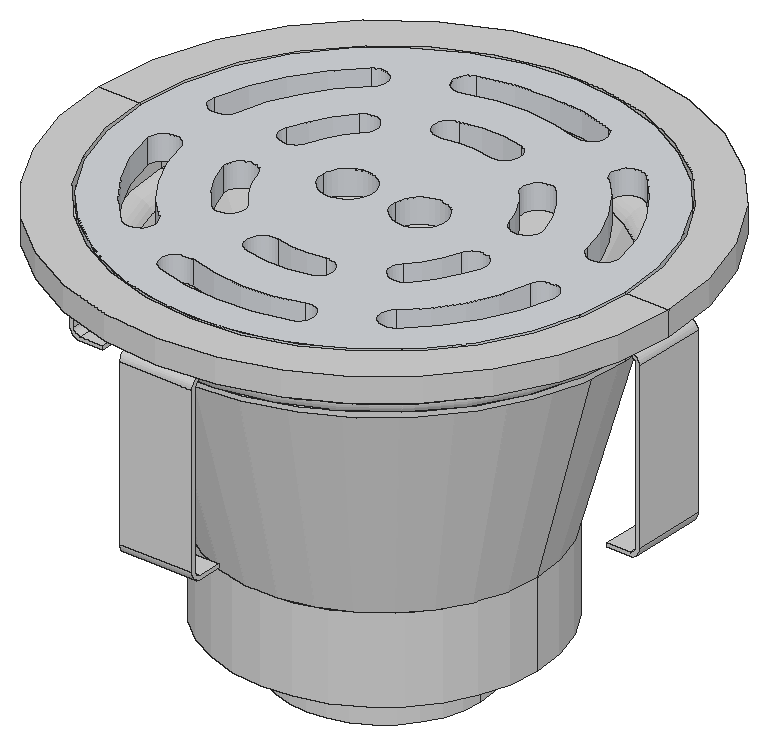
Revit family "Drain_Floor_12_Inch_Diameter_Conical_Industrial-Zurn-Z1809_Double_Containment", category Plumbing Fixtures, Revit 2022
Family settings
  Round Connector Dimension = Use Radius
  Part Type = Normal
  OmniClass Number = 23.70.50.21.24
  OmniClass Title = Waste Water Drains
  Work Plane-Based = No
  Always vertical = Yes
  Cut with Voids When Loaded = No
  Maintain Annotation Orientation = No
  Shared = No
  Room Calculation Point = No
Parameters (values of type "Load Family Type Catalog")
  Waste Connection = yes
  Vent Connection = no
  URL = "www.zurn.com"
  Type Comments = "Z1809-3NH Outlet (Type 304 CF8)"
  Top Diameter = 0' - 11.813"  # constant formula
  Product data url = "https://bimobject.com/zurnindustries/product/Z1809"
  Product Page URL = "https://www.zurn.com/products/drainage-interceptors/stainless-drains/stainless-floor-drains/fabricated-stainless-floor-drains/z1809"
  Product Documentation Link = "https://files.zurn.com/spec-sheets/z1809_spec%20sheet.pdf"
  Nominal Outlet Radius = 0' - 2"
  Outlet Outer Radius = Nominal Outlet Radius + 0' 0.094"  # 0' - 2.094"
  Modified Date = "February 25, 2026"  # constant formula
  Model = "Z1809"  # constant formula
  Manufacurer Brand = "Zurn"  # constant formula
  Manufacturer = "Zurn Water, LLC"  # constant formula
  Main Material = Steel - Zurn - Stainless Type 304 (CF8)
  HW Connection = no
  E_ Body Height = 0' - 8.656"  # constant formula
  Description = "12 Inch Round Industrial Conical Double Cointainment Sanitary Floor Drain"  # constant formula
  Default Elevation = 0' - 0"
  Date Created = "November 13, 2025"  # constant formula
  CW Connection = no
  Assembly Code = "D2030300"
Reference planes (in)
  plane 1 "Center (Front/Back)": y = 0
  plane 2: z = 0
  plane 3 "Center (Left/Right)": x = 0
  plane 4: z = -8.656
  plane 5: x = -2
  plane 6: x = 2
  plane 7: y = 2
  plane 8: y = -2
  plane 9: x = -5.9065
  plane 10: x = 5.9065
  plane 11: z = -5.75
  plane 12: z = -0.5
  plane 13: z = -1.15625
  plane 14: z = -7.65625
  plane 15: z = -1.25629
  plane 16: x = 1.90625
  plane 17: z = -7.65625
  plane 18: x = 3.1875
  plane 19: z = -4.3125
  plane 20: y = 0.75
  plane 21: y = -0.75
Forms (in)
  Revolve 1, solid, material "Steel - Zurn - Stainless Type 304 (CF8)" <- "Main Material", detail levels fine
    sketch origin (0, 0, 0) x (1, 0, 0) y (0, 0, 1)
      loop
        line (5.02616, -1.25629) -> (5.02616, -1.15625) -> (4.77616, -1.15625)
        arc (4.77616, -1.15625) -> (4.46741, -1.26296) -> (4.29046, -1.53755) r 0.5
        line (4.29046, -1.53755) -> (3.0825, -5.89765) -> (3.0825, -7.65625) -> (3.1875, -7.65625) -> (3.1875, -5.91173) -> (4.39243, -1.55751)
        arc (4.39243, -1.55751) -> (4.53222, -1.34059) -> (4.77612, -1.25629) r 0.39498
        line (4.77612, -1.25629) -> (5.02616, -1.25629)
      axis (0, -1.15625) -> (0, -7.65625)
    angle from 0 to 360
  Revolve 2, solid, material "Steel - Zurn - Stainless Type 304 (CF8)" <- "Main Material", detail levels fine
    sketch origin (0, 0, 0) x (1, 0, 0) y (0, 0, 1)
      loop
        arc (4.9375, -1.15625) -> (5.10013, -1.08888) -> (5.1675, -0.92625) r 0.23
        line (5.1675, -0.92625) -> (5.1675, -0.5) -> (5.90625, -0.5) -> (5.90625, 0) -> (5.0625, 0) -> (5.0625, -0.5) -> (4.6205, -0.5) -> (4.6205, -1.05125)
        arc (4.6205, -1.05125) -> (4.35977, -1.12461) -> (4.17556, -1.32316) r 0.5
        line (4.17556, -1.32316) -> (1.90625, -5.75) -> (1.90625, -8.656) -> (2, -8.656) -> (2, -5.75) -> (4.26979, -1.36952)
        arc (4.26979, -1.36952) -> (4.41526, -1.21375) -> (4.6205, -1.15625) r 0.395
        line (4.6205, -1.15625) -> (4.9375, -1.15625)
      axis (0, 0) -> (0, -8.656)
    angle from 0 to 360
  Extrusion 3, solid, material "Steel - Zurn - Stainless Type 304 (CF8)" <- "Main Material", detail levels fine
    sketch origin (0, 0, 0) x (1, 0, 0) y (0, 0, 1)
      loop
        line (5.83125, -0.712) -> (5.83125, -4.1005)
        arc (5.83125, -4.1005) -> (5.79112, -4.19737) -> (5.69425, -4.2375) r 0.137
        line (5.69425, -4.2375) -> (5.21896, -4.2375) -> (5.21896, -4.3125) -> (5.6945, -4.3125)
        arc (5.6945, -4.3125) -> (5.84441, -4.25041) -> (5.9065, -4.1005) r 0.212
        line (5.9065, -4.1005) -> (5.9065, -0.712)
        arc (5.9065, -0.712) -> (5.84441, -0.56209) -> (5.6945, -0.5) r 0.212
        line (5.6945, -0.5) -> (5.19375, -0.5) -> (5.19375, -0.575) -> (5.69425, -0.575)
        arc (5.69425, -0.575) -> (5.79112, -0.61513) -> (5.83125, -0.712) r 0.137
    from -0.75 to 0.75
  Extrusion 4, solid, material "Steel - Zurn - Stainless Type 304 (CF8)" <- "Main Material", detail levels fine
    sketch origin (0, 0, 0) x (0, -1, 0) y (0, 0, 1)
      loop
        line (5.83125, -0.712) -> (5.83125, -4.1005)
        arc (5.83125, -4.1005) -> (5.79112, -4.19737) -> (5.69425, -4.2375) r 0.137
        line (5.69425, -4.2375) -> (5.21896, -4.2375) -> (5.21896, -4.3125) -> (5.6945, -4.3125)
        arc (5.6945, -4.3125) -> (5.84441, -4.25041) -> (5.9065, -4.1005) r 0.212
        line (5.9065, -4.1005) -> (5.9065, -0.712)
        arc (5.9065, -0.712) -> (5.84441, -0.56209) -> (5.6945, -0.5) r 0.212
        line (5.6945, -0.5) -> (5.19375, -0.5) -> (5.19375, -0.575) -> (5.69425, -0.575)
        arc (5.69425, -0.575) -> (5.79112, -0.61513) -> (5.83125, -0.712) r 0.137
    from -0.75 to 0.75
  Extrusion 5, solid, material "Steel - Zurn - Stainless Type 304 (CF8)" <- "Main Material", detail levels fine
    sketch origin (0, 0, 0) x (0, 1, 0) y (0, 0, 1)
      loop
        line (5.83125, -0.712) -> (5.83125, -4.1005)
        arc (5.83125, -4.1005) -> (5.79112, -4.19737) -> (5.69425, -4.2375) r 0.137
        line (5.69425, -4.2375) -> (5.21896, -4.2375) -> (5.21896, -4.3125) -> (5.6945, -4.3125)
        arc (5.6945, -4.3125) -> (5.84441, -4.25041) -> (5.9065, -4.1005) r 0.212
        line (5.9065, -4.1005) -> (5.9065, -0.712)
        arc (5.9065, -0.712) -> (5.84441, -0.56209) -> (5.6945, -0.5) r 0.212
        line (5.6945, -0.5) -> (5.19375, -0.5) -> (5.19375, -0.575) -> (5.69425, -0.575)
        arc (5.69425, -0.575) -> (5.79112, -0.61513) -> (5.83125, -0.712) r 0.137
    from -0.75 to 0.75
  Extrusion 6, solid, material "Steel - Zurn - Stainless Type 304 (CF8)" <- "Main Material", detail levels fine
    sketch origin (0, 0, 0) x (-1, 0, 0) y (0, 0, 1)
      loop
        line (5.83125, -0.712) -> (5.83125, -4.1005)
        arc (5.83125, -4.1005) -> (5.79112, -4.19737) -> (5.69425, -4.2375) r 0.137
        line (5.69425, -4.2375) -> (5.21896, -4.2375) -> (5.21896, -4.3125) -> (5.6945, -4.3125)
        arc (5.6945, -4.3125) -> (5.84441, -4.25041) -> (5.9065, -4.1005) r 0.212
        line (5.9065, -4.1005) -> (5.9065, -0.712)
        arc (5.9065, -0.712) -> (5.84441, -0.56209) -> (5.6945, -0.5) r 0.212
        line (5.6945, -0.5) -> (5.19375, -0.5) -> (5.19375, -0.575) -> (5.69425, -0.575)
        arc (5.69425, -0.575) -> (5.79112, -0.61513) -> (5.83125, -0.712) r 0.137
    from -0.75 to 0.75
Lines and regions (in)
  model lines, detail levels coarse+medium
    curve 1: line (0, 0, 0) -> (0, 0, -8.656)
    curve 2: circle (0, 0, 0) r 5.90625 normal (0, 0, 1)
    curve 3: circle (0, 0, 0) r 4.6205 normal (0, 0, 1)
    curve 4: line (-2, 0, -8.656) -> (2, 0, -8.656)
    curve 5: line (0, -2, -8.656) -> (0, 2, -8.656)
    curve 6: circle (0, 0, 0) r 4.3125 normal (0, 0, 1)
    curve 7: circle (0, 0, 0) r 3.6875 normal (0, 0, 1)
    curve 8: circle (0, 0, 0) r 2.8125 normal (0, 0, 1)
    curve 9: circle (0, 0, 0) r 2.1875 normal (0, 0, 1)
    curve 10: circle (-0.75, 0, 0) r 0.52 normal (0, 0, 1)
    curve 11: circle (0.75, 0, 0) r 0.52 normal (0, 0, -1)
Dimensions and locks (in)
  "E_ Body Height": plane 2 to plane 4
  "Nominal Outlet Radius": plane 5 to plane 3 "Center (Left/Right)"
  "Nominal Outlet Radius": plane 7 to plane 1 "Center (Front/Back)"
  "Nominal Outlet Radius": plane 1 "Center (Front/Back)" to plane 8
  "Nominal Outlet Radius": plane 3 "Center (Left/Right)" to plane 6
  equal spacing: plane 9, plane 3 "Center (Left/Right)", plane 10
  "Top Diameter": plane 9 to plane 10
  locked: plane 2 to plane 11 at 5.75
  plane 2 to plane 12 = 0' - 0 1/2"
  locked: plane 2 to plane 13 at 1.15625
  locked: plane 2 to plane 14 at 7.65625
  locked: plane 13 to plane 15 at 0.10004
  locked: plane 6 to plane 16 at 0.09375
  plane 10 to Revolve 2 sketch curve = 0' - 0.844"
  locked: plane 18 to plane 3 "Center (Left/Right)" at 3.1875
  locked: plane 18 to Revolve 1 sketch curve at 0.105
  locked: Revolve 2 sketch curve to Revolve 2 sketch curve at 0.547
  locked: plane 2 to plane 19 at 4.3125
  locked: plane 21 to plane 1 "Center (Front/Back)" at 0.75
  locked: plane 1 "Center (Front/Back)" to plane 20 at 0.75
  aligned and locked: plane 2 to level
  aligned and locked: plane 14 to Revolve 1 sketch curve
  aligned and locked: plane 15 to Revolve 1 sketch curve
  aligned and locked: Revolve 1 sketch curve to plane 3 "Center (Left/Right)"
  aligned and locked: Revolve 2 sketch curve to plane 4
  aligned and locked: plane 16 to Revolve 2 sketch curve
  aligned and locked: plane 13 to Revolve 2 sketch curve
  aligned and locked: plane 2 to Revolve 2 sketch curve
  aligned and locked: plane 12 to Revolve 2 sketch curve
  aligned and locked: Revolve 2 sketch curve to plane 3 "Center (Left/Right)"
  aligned and locked: plane 11 to Revolve 2 sketch curve  (x2)
  aligned and locked: plane 6 to Revolve 2 sketch curve
  aligned and locked: Extrusion 3 to plane 20
  aligned and locked: plane 21 to Extrusion 3
  aligned and locked: curve 1 to plane 3 "Center (Left/Right)"
  aligned and locked: plane 4 to curve 4
  aligned and locked: plane 4 to curve 5
Automatic sketch dimensions
  Revolve 1 sketch curve to plane 13 = 0' - 0"
  Revolve 1 sketch curve to plane 4 = 0' - 0"
  Revolve 1 sketch curve to Revolve 1 sketch curve = 0' - 0.105"
  Revolve 1 sketch curve to plane 15 = 0' - 0 9/32"
  Revolve 1 sketch curve to plane 10 = 0' - 1.61604"
  Revolve 1 sketch curve to plane 15 = 0' - 0.30121"
  Revolve 1 sketch curve to Revolve 1 sketch curve = 0' - 0.10197"
  Revolve 1 sketch curve to Revolve 1 sketch curve = 0' - 0.38369"
  Revolve 1 sketch curve to Revolve 1 sketch curve = 0' - 0.00005"
  Revolve 1 sketch curve to Revolve 1 sketch curve = 0' - 0 1/4"
  plane 11 to Revolve 1 sketch curve = 0' - 0.16173"
  Revolve 1 sketch curve to Revolve 1 sketch curve = 0' - 0.01408"
  Revolve 1 sketch curve to plane 11 = 0' - 2.24371"
  Revolve 2 sketch curve to Revolve 2 sketch curve = 0' - 0"  (x2)
  Revolve 2 sketch curve to plane 12 = 0' - 0"
  plane 13 to Revolve 2 sketch curve = 0' - 0.16691"
  Revolve 2 sketch curve to Revolve 2 sketch curve = 0' - 0.442"
  Revolve 2 sketch curve to Revolve 2 sketch curve = 0' - 0.317"
  Revolve 2 sketch curve to plane 10 = 0' - 0.00025"
  Revolve 2 sketch curve to Revolve 2 sketch curve = 0' - 0.395"
  Revolve 2 sketch curve to Revolve 2 sketch curve = 0' - 0.09423"
  plane 13 to Revolve 2 sketch curve = 0' - 0.21327"
  plane 4 to Revolve 2 sketch curve = 0' - 0.39525"
  level to Revolve 2 sketch curve = 0' - 0.44875"
  Extrusion 3 sketch curve to Extrusion 3 sketch curve = 0' - 0.00025"  (x2)
  Extrusion 3 sketch curve to Extrusion 3 sketch curve = 0' - 0"  (x2)
  Extrusion 3 sketch curve to Extrusion 3 sketch curve = 0' - 0.02521"
  Extrusion 3 sketch curve to Extrusion 3 sketch curve = 0' - 0.47554"
  Extrusion 3 sketch curve to Extrusion 3 sketch curve = 0' - 0.50075"
  Extrusion 3 sketch curve to Extrusion 3 sketch curve = 0' - 0.137"
  Extrusion 3 sketch curve to Extrusion 3 sketch curve = 0' - 0.07525"
  Extrusion 3 sketch curve to Extrusion 3 sketch curve = 0' - 3.3885"
  Extrusion 4 sketch curve to Extrusion 4 sketch curve = 0' - 0.00025"  (x2)
  Extrusion 4 sketch curve to Extrusion 4 sketch curve = 0' - 0"  (x2)
  Extrusion 4 sketch curve to Extrusion 4 sketch curve = 0' - 0.02521"
  Extrusion 4 sketch curve to Extrusion 4 sketch curve = 0' - 0.47554"
  Extrusion 4 sketch curve to Extrusion 4 sketch curve = 0' - 0.50075"
  Extrusion 4 sketch curve to Extrusion 4 sketch curve = 0' - 0.137"
  Extrusion 4 sketch curve to Extrusion 4 sketch curve = 0' - 0.07525"
  Extrusion 4 sketch curve to Extrusion 4 sketch curve = 0' - 3.3885"
  Extrusion 5 sketch curve to Extrusion 5 sketch curve = 0' - 0.00025"  (x2)
  Extrusion 5 sketch curve to Extrusion 5 sketch curve = 0' - 0"  (x2)
  Extrusion 5 sketch curve to Extrusion 5 sketch curve = 0' - 0.02521"
  Extrusion 5 sketch curve to Extrusion 5 sketch curve = 0' - 0.47554"
  Extrusion 5 sketch curve to Extrusion 5 sketch curve = 0' - 0.50075"
  Extrusion 5 sketch curve to Extrusion 5 sketch curve = 0' - 0.137"
  Extrusion 5 sketch curve to Extrusion 5 sketch curve = 0' - 0.07525"
  Extrusion 5 sketch curve to Extrusion 5 sketch curve = 0' - 3.3885"
  Extrusion 6 sketch curve to Extrusion 6 sketch curve = 0' - 0.00025"  (x2)
  Extrusion 6 sketch curve to Extrusion 6 sketch curve = 0' - 0"  (x2)
  Extrusion 6 sketch curve to Extrusion 6 sketch curve = 0' - 0.02521"
  Extrusion 6 sketch curve to Extrusion 6 sketch curve = 0' - 0.47554"
  Extrusion 6 sketch curve to Extrusion 6 sketch curve = 0' - 0.50075"
  Extrusion 6 sketch curve to Extrusion 6 sketch curve = 0' - 0.137"
  Extrusion 6 sketch curve to Extrusion 6 sketch curve = 0' - 0.07525"
  Extrusion 6 sketch curve to Extrusion 6 sketch curve = 0' - 3.3885"
  Extrusion 3 sketch curve to plane 12 = 0' - 0"
  Extrusion 3 sketch curve to plane 10 = 0' - 0"
  plane 12 to Extrusion 5 sketch curve = 0' - 0"
  plane 7 to Extrusion 5 sketch curve = 0' - 3.19375"
  plane 12 to Extrusion 4 sketch curve = 0' - 0"
  Extrusion 4 sketch curve to plane 8 = 0' - 3.19375"
  Extrusion 6 sketch curve to plane 12 = 0' - 0"
  Extrusion 6 sketch curve to plane 9 = 0' - 0"
  curve 1 to level = 0' - 0"
  plane 5 to curve 4 = 0' - 0"
  curve 4 to plane 6 = 0' - 0"
  plane 8 to curve 5 = 0' - 0"
  curve 5 to plane 7 = 0' - 0"
  curve 2 to curve 3 = 0' - 0"  (x2)
  curve 2 to curve 6 = 0' - 0"  (x2)
  curve 2 to curve 7 = 0' - 0"  (x2)
  curve 2 to curve 8 = 0' - 0"  (x2)
  curve 2 to curve 9 = 0' - 0"  (x2)
  curve 3 to curve 6 = 0' - 0"  (x2)
  curve 3 to curve 7 = 0' - 0"  (x2)
  curve 3 to curve 8 = 0' - 0"  (x2)
  curve 3 to curve 9 = 0' - 0"  (x2)
  curve 6 to curve 7 = 0' - 0"  (x2)
  curve 6 to curve 8 = 0' - 0"  (x2)
  curve 6 to curve 9 = 0' - 0"  (x2)
  curve 7 to curve 8 = 0' - 0"  (x2)
  curve 7 to curve 9 = 0' - 0"  (x2)
  curve 8 to curve 9 = 0' - 0"  (x2)
  plane 1 "Center (Front/Back)" to curve 10 = 0' - 0"
  plane 1 "Center (Front/Back)" to curve 6 = 0' - 0"
  curve 6 to plane 3 "Center (Left/Right)" = 0' - 0"
  plane 1 "Center (Front/Back)" to curve 11 = 0' - 0"
  curve 10 to curve 2 = 0' - 0 3/4"
  plane 3 "Center (Left/Right)" to curve 11 = 0' - 0 3/4"
  radius of curve 2 = 0' - 5 29/32"
  radius of curve 3 = 0' - 4.6205"
  radius of curve 6 = 0' - 4 5/16"
  radius of curve 7 = 0' - 3 11/16"
  radius of curve 8 = 0' - 2 13/16"
  radius of curve 9 = 0' - 2 3/16"
  radius of curve 10 = 0' - 0.52"
  radius of curve 11 = 0' - 0.52"
Nested families (in)
  nested 1: "Z1809_grate" at (0, 0, 0), type "Grate", detail levels fine
Connectors (in)
  piping at (0, 0, -8.656), diameter 4, driven by "Nominal Outlet Radius", driven by "Waste Connection"
    settings: on Revolve 2, index 1, connector inside diameter 24", connector length 0' - 0", flow factor 0, pipe flow 0 GPM, pressure drop 0.00 psi, fitting loss kfactor 0, connector angle 0.00°, fixture units 0, engagement length 0' - 0", angle of deflection 0.00°, flow configuration 0, flow direction 2, fitting loss method 0, system type 16, joint type 0, gender type 0, connector reference index -1, connector utility 1, adjustable connector no, is connector primary yes, connector description "Outlet"
Definition of nested family "Z1809_grate"
  Parameters (values of type "Grate")
    Waste Connection = yes
    Vent Connection = no
    URL = "www.zurn.com"
    Type Comments = ""
    Product data url = ""
    Modified Date = ""
    Model = ""
    Manufacturer = "Zurn Water, LLC"  # constant formula
    HW Connection = no
    Grate = none
    Description = ""
    Default Elevation = 0' - 0"  # constant formula
    Date Created = ""
    CW Connection = no
    Assembly Code = ""
  Reference planes (in)
    plane 1 "Center (Front/Back)": y = 0
    plane 2: z = 0
    plane 3 "Center (Left/Right)": x = 0
    plane 4: z = -0.5
  Forms (in)
    Extrusion 1, solid
      sketch origin (0, 0, 0) x (1, 0, 0) y (0, 1, 0)
        loop
          line (-48, 48) -> (-48, -48) -> (48, -48) -> (48, 48) -> (-48, 48)
      from 0 to -12
    Extrusion 2, solid, material <- "Grate"
      sketch origin (0, 0, 0) x (1, 0, 0) y (0, 1, 0)
        loop
          arc (-1.36498, 4.09078) -> (-1.5625, 3.69544) -> (-1.16716, 3.49791) r 0.3125
          arc (-1.16716, 3.49791) -> (0, 3.6875) -> (1.16716, 3.49791) r 3.6875
          arc (1.16716, 3.49791) -> (1.5625, 3.69544) -> (1.36498, 4.09078) r 0.3125
          arc (1.36498, 4.09078) -> (0, 4.3125) -> (-1.36498, 4.09078) r 4.3125
        loop
          arc (0.49941, 2.12973) -> (0.875, 2.36263) -> (0.6421, 2.73822) r 0.3125
          arc (0.6421, 2.73822) -> (0, 2.8125) -> (-0.6421, 2.73822) r 2.8125
          arc (-0.6421, 2.73822) -> (-0.875, 2.36263) -> (-0.49941, 2.12973) r 0.3125
          arc (-0.49941, 2.12973) -> (0, 2.1875) -> (0.49941, 2.12973) r 2.1875
        loop
          arc (-2.86023, 3.2275) -> (-3.73473, 2.15625) -> (-4.22521, 0.86328) r 4.3125
          arc (-4.22521, 0.86328) -> (-3.98159, 0.49455) -> (-3.61286, 0.73817) r 0.3125
          arc (-3.61286, 0.73817) -> (-3.19347, 1.84375) -> (-2.44571, 2.75974) r 3.6875
          arc (-2.44571, 2.75974) -> (-2.41909, 3.20088) -> (-2.86023, 3.2275) r 0.3125
        loop
          arc (-1.36498, -4.09078) -> (0, -4.3125) -> (1.36498, -4.09078) r 4.3125
          arc (1.36498, -4.09078) -> (1.5625, -3.69544) -> (1.16716, -3.49791) r 0.3125
          arc (1.16716, -3.49791) -> (0, -3.6875) -> (-1.16716, -3.49791) r 3.6875
          arc (-1.16716, -3.49791) -> (-1.5625, -3.69544) -> (-1.36498, -4.09078) r 0.3125
        loop
          arc (-2.69242, -0.81304) -> (-2.4357, -1.40625) -> (-2.05032, -1.92518) r 2.8125
          arc (-2.05032, -1.92518) -> (-1.6086, -1.93909) -> (-1.5947, -1.49737) r 0.3125
          arc (-1.5947, -1.49737) -> (-1.89443, -1.09375) -> (-2.0941, -0.63236) r 2.1875
          arc (-2.0941, -0.63236) -> (-2.4836, -0.42354) -> (-2.69242, -0.81304) r 0.3125
        loop
          arc (-4.22521, -0.86328) -> (-3.73473, -2.15625) -> (-2.86023, -3.2275) r 4.3125
          arc (-2.86023, -3.2275) -> (-2.41909, -3.20088) -> (-2.44571, -2.75974) r 0.3125
          arc (-2.44571, -2.75974) -> (-3.19347, -1.84375) -> (-3.61286, -0.73817) r 3.6875
          arc (-3.61286, -0.73817) -> (-3.98159, -0.49455) -> (-4.22521, -0.86328) r 0.3125
        loop
          arc (-2.05032, 1.92518) -> (-2.4357, 1.40625) -> (-2.69242, 0.81304) r 2.8125
          arc (-2.69242, 0.81304) -> (-2.4836, 0.42354) -> (-2.0941, 0.63236) r 0.3125
          arc (-2.0941, 0.63236) -> (-1.89443, 1.09375) -> (-1.5947, 1.49737) r 2.1875
          arc (-1.5947, 1.49737) -> (-1.6086, 1.93909) -> (-2.05032, 1.92518) r 0.3125
        loop
          arc (4.22521, 0.86328) -> (3.73473, 2.15625) -> (2.86023, 3.2275) r 4.3125
          arc (2.86023, 3.2275) -> (2.41909, 3.20088) -> (2.44571, 2.75974) r 0.3125
          arc (2.44571, 2.75974) -> (3.19347, 1.84375) -> (3.61286, 0.73817) r 3.6875
          arc (3.61286, 0.73817) -> (3.98159, 0.49455) -> (4.22521, 0.86328) r 0.3125
        loop
          arc (2.69242, 0.81304) -> (2.4357, 1.40625) -> (2.05032, 1.92518) r 2.8125
          arc (2.05032, 1.92518) -> (1.6086, 1.93909) -> (1.5947, 1.49737) r 0.3125
          arc (1.5947, 1.49737) -> (1.89443, 1.09375) -> (2.0941, 0.63236) r 2.1875
          arc (2.0941, 0.63236) -> (2.4836, 0.42354) -> (2.69242, 0.81304) r 0.3125
        loop
          arc (2.05032, -1.92518) -> (2.4357, -1.40625) -> (2.69242, -0.81304) r 2.8125
          arc (2.69242, -0.81304) -> (2.4836, -0.42354) -> (2.0941, -0.63236) r 0.3125
          arc (2.0941, -0.63236) -> (1.89443, -1.09375) -> (1.5947, -1.49737) r 2.1875
          arc (1.5947, -1.49737) -> (1.6086, -1.93909) -> (2.05032, -1.92518) r 0.3125
        loop
          arc (2.86023, -3.2275) -> (3.73473, -2.15625) -> (4.22521, -0.86328) r 4.3125
          arc (4.22521, -0.86328) -> (3.98159, -0.49455) -> (3.61286, -0.73817) r 0.3125
          arc (3.61286, -0.73817) -> (3.19347, -1.84375) -> (2.44571, -2.75974) r 3.6875
          arc (2.44571, -2.75974) -> (2.41909, -3.20088) -> (2.86023, -3.2275) r 0.3125
        loop
          arc (-0.6421, -2.73822) -> (0, -2.8125) -> (0.6421, -2.73822) r 2.8125
          arc (0.6421, -2.73822) -> (0.875, -2.36263) -> (0.49941, -2.12973) r 0.3125
          arc (0.49941, -2.12973) -> (0, -2.1875) -> (-0.49941, -2.12973) r 2.1875
          arc (-0.49941, -2.12973) -> (-0.875, -2.36263) -> (-0.6421, -2.73822) r 0.3125
        loop
          circle (-0.75, 0) r 0.52
        loop
          circle (0.75, 0) r 0.52
        loop
          circle (0, 0) r 5
      from -0.5 to 0
  Lines and regions (in)
    symbolic lines, detail levels fine
      curve 1: line (0, -5.15625, -0.5) -> (0, 5, -0.5)
  Dimensions and locks (in)
    locked: plane 2 to plane 4 at 0.5
    aligned and locked: plane 2 to Extrusion 1
    aligned and locked: level to Extrusion 1
Types in the file's own list only (6): name | Type Comments | Top Diameter | Nominal Outlet Radius | Outlet Outer Radius | Main Material | E_ Body Height
  Z1809-2 Inch No-Hub Outlet | "Z1809-2NH Outlet (Type 304 CF8)" | 0' - 11 13/16" | 0' - 1" | 0' - 1 1/8" | Steel - Zurn - Stainless Type 304 (CF8) | 0' - 8 5/8"
  Z1809-3 Inch No-Hub Outlet | "Z1809-3NH Outlet (Type 304 CF8)" | 0' - 11 13/16" | 0' - 1 1/2" | 0' - 1 5/8" | Steel - Zurn - Stainless Type 304 (CF8) | 0' - 8 5/8"
  Z1809-4 Inch No-Hub Outlet | "Z1809-3NH Outlet (Type 304 CF8)" | 0' - 11 13/16" | 0' - 2" | 0' - 2 1/8" | Steel - Zurn - Stainless Type 304 (CF8) | 0' - 8 5/8"
  ZM1809-2 Inch No-Hub Outlet | "ZM1809-2NH Outlet (Type 316 CF8M)" | 0' - 11 13/16" | 0' - 1" | 0' - 1 1/8" | Steel - Zurn - Stainless (Type 316 CF8M) | 0' - 8 5/8"
  ZM1809-3 Inch No-Hub Outlet | "ZM1809-3NH Outlet (Type 316 CFM8)" | 0' - 11 13/16" | 0' - 1 1/2" | 0' - 1 5/8" | Steel - Zurn - Stainless (Type 316 CF8M) | 0' - 8 5/8"
  ZM1809-4 Inch No-Hub Outlet | "ZM1809-3NH Outlet (Type 316 CF8M)" | 0' - 11 13/16" | 0' - 2" | 0' - 2 1/8" | Steel - Zurn - Stainless (Type 316 CF8M) | 0' - 8 5/8"
